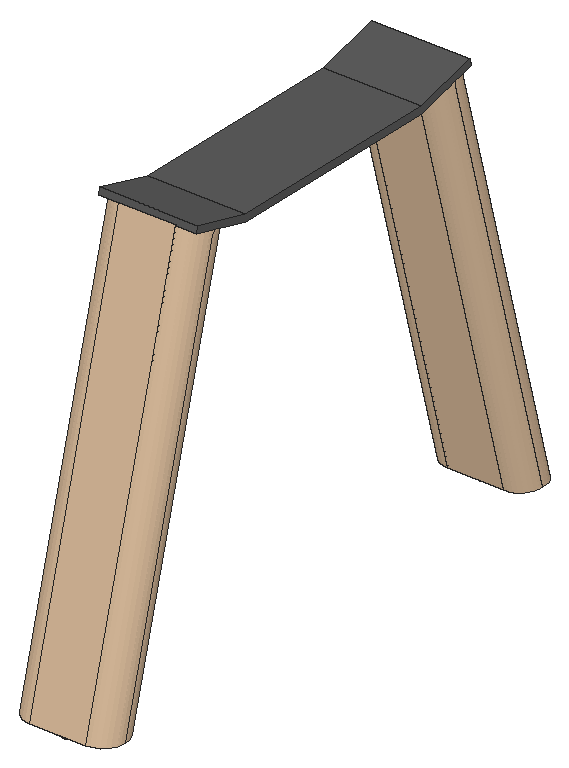
Revit family "PL80110", category Furniture, Revit 2020
Family settings
  OmniClass Number = 23.40.20.00
  OmniClass Title = General Furniture and Specialties
  Work Plane-Based = No
  Always vertical = Yes
  Cut with Voids When Loaded = No
  Shared = No
  Room Calculation Point = No
Parameters (values of type "PL80110")
  Width = 84 mm
  URL = "https://www.sandlerseating.com/product/pl80110/"
  Model = "PL80110"
  Manufacturer = "Sandler"
  Leg Finish = Wood - Oak - Natural - V
  Height = 450 mm
  Description = "Trestle wooden leg for Plania range available in Solid Oak or Solid Walnut finish. Assembly required"
  Depth = 480 mm
  Default Elevation = 0 mm
Reference planes
  plane 1 "Center (Front/Back)": y = 0
  plane 2: z = 0
  plane 3 "Center (Left/Right)": x = 0
  plane 4 "Right": x = -42
  plane 5 "Left": x = 42
  plane 6 "Back": y = 240
  plane 7 "Front": y = -240
  plane 8 "Height": z = 450
  plane 9 "Seat base": z = 387
  plane 10 "Glide Height": z = 4
  plane 11 "Leg Angle Right": through (4267.2, -129.457, 347.058) normal (0, 0.9659, -0.2588)
  plane 12 "Center L/U": through (4267.2, 129.457, 347.058) normal (0, 0.9659, 0.2588)
  plane 13 "RL C REF": y = -222.186
Forms (mm)
  Sweep 1, solid, material "Wood - Oak - Natural - V" <- "Leg Finish"
    path origin (0.106, 0, 0) x (0, 0, 1) y (0, -1, 0)
      loop
        line (-5.505, 223.926) -> (353.101, 127.837)
    profile "Pro_Leg_Lozenge : W84xH37" origin (0.106, -175.881, 173.798) x (0, -0.965926, 0.258819) y (1, 0, 0)
      loop
        arc (-18.48, -23.6) -> (-13.088, -36.618) -> (-0.07, -42.01) r 18.41
        arc (-0.07, -42.01) -> (13.007, -36.993) -> (18.48, -24.1) r 17.921
        line (18.48, -24.1) -> (18.48, 23.6)
        arc (18.48, 23.6) -> (13.038, 36.668) -> (-0.07, 42.01) r 18.41
        arc (-0.07, 42.01) -> (-13.088, 36.618) -> (-18.48, 23.6) r 18.41
        line (-18.48, 23.6) -> (-18.48, -23.6)
  Extrusion 2, void
    sketch origin (0.106, 0, 0) x (0, 0, 1) y (0, -1, 0)
      loop
        line (4, 243.879) -> (-11, 243.879) -> (-11, 200.581) -> (4, 200.581) -> (4, 243.879)
    from -43 to 43
  Sweep 3, solid, material "Wood - Oak - Natural - V" <- "Leg Finish"
    path origin (0.106, 0, 0) x (0, 0, 1) y (0, 1, 0)
      loop
        line (-5.505, 223.926) -> (353.101, 127.837)
    profile "Pro_Leg_Lozenge : W84xH37" origin (0.106, 175.881, 173.798) x (0, -0.965926, -0.258819) y (1, 0, 0)
      loop
        line (-18.48, 23.6) -> (-18.48, -23.6)
        arc (-18.48, -23.6) -> (-13.088, -36.618) -> (-0.07, -42.01) r 18.41
        arc (-0.07, -42.01) -> (13.038, -36.668) -> (18.48, -23.6) r 18.41
        line (18.48, -23.6) -> (18.48, 24.1)
        arc (18.48, 24.1) -> (13.007, 36.993) -> (-0.07, 42.01) r 17.921
        arc (-0.07, 42.01) -> (-13.088, 36.618) -> (-18.48, 23.6) r 18.41
  Extrusion 4, void
    sketch origin (0.106, 0, 0) x (0, 0, 1) y (0, -1, 0)
      loop
        line (4, -243.879) -> (4, -200.581) -> (-11, -200.581) -> (-11, -243.879) -> (4, -243.879)
    from -43 to 43
  Revolve 5, solid, material "Rubber, Black"
    sketch origin (-119.386, -222.186, 0) x (-1, 0, 0) y (0, 0, 1)
      loop
        line (-119.28, 0) -> (-106.067, 0)
        arc (-106.067, 0) -> (-104.829, 0.513) -> (-104.317, 1.75) r 1.75
        line (-104.317, 1.75) -> (-104.317, 6.884) -> (-119.28, 6.884) -> (-119.28, 0)
      axis (-119.28, 0) -> (-119.28, 6.884)
    angle from 0 to 360
  Revolve 6, solid, material "Rubber, Black"
    sketch origin (-119.28, 222.186, 0) x (-1, 0, 0) y (0, 0, -1)
      loop
        line (-119.28, 0) -> (-119.28, -6.884) -> (-104.317, -6.884) -> (-104.317, -1.75)
        arc (-104.317, -1.75) -> (-104.829, -0.513) -> (-106.067, 0) r 1.75
        line (-106.067, 0) -> (-119.28, 0)
      axis (-119.28, 0) -> (-119.28, -6.884)
    angle from 0 to 360
  Extrusion 7, solid, material "Epoxy - M1_B00 - Black"
    sketch origin (-41.684, 0, 0) x (0, 0, 1) y (0, -1, 0)
      loop
        line (357.884, 145.688) -> (343.836, 93.261) -> (343.836, -93.261) -> (357.884, -145.688) -> (363.496, -144.184) -> (349.852, -93.261) -> (349.852, 93.261) -> (363.496, 144.184) -> (357.884, 145.688)
    from 0 to 83.368
Cuts and joins
  Extrusion 2, Extrusion 4 cuts Sweep 1
  Extrusion 4 cuts Sweep 3
Dimensions and locks
  equal spacing: plane 4 "Right", plane 3 "Center (Left/Right)", plane 5 "Left"
  "Width": plane 4 "Right" to plane 5 "Left"
  equal spacing: plane 6 "Back", plane 1 "Center (Front/Back)", plane 7 "Front"
  "Depth": plane 6 "Back" to plane 7 "Front"
  "Height": plane 8 "Height" to level
  plane 9 "Seat base" to level = 387 mm
  level to Extrusion 2 = 4 mm
  aligned and locked: level to plane 2
Automatic sketch dimensions
  plane 11 "Leg Angle Right" to Sweep 1 sketch curve = 0 mm  (x2)
  Sweep 1 sketch curve to plane 13 "RL C REF" = 1.74 mm
  Sweep 1 sketch curve to plane 9 "Seat base" = 33.899 mm
  Extrusion 2 sketch curve to plane 10 "Glide Height" = 0 mm
  Extrusion 2 sketch curve to level = 11 mm
  plane 13 "RL C REF" to Extrusion 2 sketch curve = 21.605 mm
  Extrusion 2 sketch curve to plane 7 "Front" = 3.879 mm
  plane 12 "Center L/U" to Sweep 3 sketch curve = 0 mm  (x2)
  level to Sweep 3 sketch curve = 5.505 mm
  plane 9 "Seat base" to Sweep 3 sketch curve = 33.899 mm
  Extrusion 4 sketch curve to plane 10 "Glide Height" = 0 mm
  level to Extrusion 4 sketch curve = 11 mm
  plane 6 "Back" to Extrusion 4 sketch curve = 39.419 mm
  Extrusion 4 sketch curve to plane 6 "Back" = 3.879 mm
  Revolve 5 sketch curve to level = 0 mm
  level to Revolve 5 sketch curve = 1.75 mm
  plane 10 "Glide Height" to Revolve 5 sketch curve = 2.884 mm
  Revolve 5 sketch curve to level = 1.164 mm
  Revolve 5 sketch curve to Revolve 5 sketch curve = 1.138 mm
  Revolve 6 sketch curve to level = 0 mm
  level to Revolve 6 sketch curve = 1.75 mm
  plane 10 "Glide Height" to Revolve 6 sketch curve = 2.884 mm
  Revolve 6 sketch curve to Revolve 6 sketch curve = 1.138 mm
  Revolve 6 sketch curve to level = 1.164 mm
  Extrusion 7 sketch curve to plane 9 "Seat base" = 43.164 mm
  Extrusion 7 sketch curve to Extrusion 7 sketch curve = 6.016 mm
  Extrusion 7 sketch curve to plane 9 "Seat base" = 29.116 mm  (x2)
  Extrusion 7 sketch curve to Extrusion 7 sketch curve = 5.613 mm  (x2)
  Extrusion 7 sketch curve to plane 6 "Back" = 94.312 mm
  Extrusion 7 sketch curve to Extrusion 7 sketch curve = 1.504 mm
  plane 1 "Center (Front/Back)" to Extrusion 7 sketch curve = 93.261 mm
  Extrusion 7 sketch curve to Extrusion 7 sketch curve = 0 mm
  Revolve 5 sketch curve to plane 4 "Right" = 41.894 mm
  Revolve 5 sketch curve to Revolve 5 sketch curve = 13.213 mm
  Revolve 5 sketch curve to Revolve 5 sketch curve = 0 mm
  Revolve 6 sketch curve to plane 4 "Right" = 42 mm
  Revolve 6 sketch curve to Revolve 6 sketch curve = 13.213 mm
  Revolve 6 sketch curve to Revolve 6 sketch curve = 0 mm
